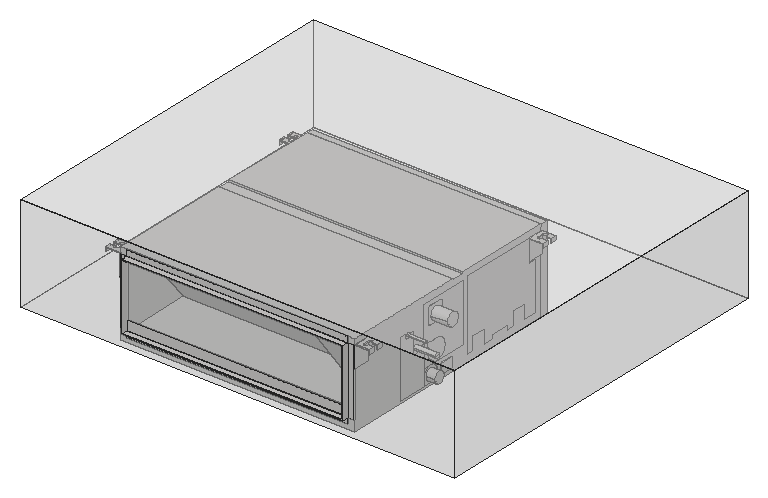
Revit family "outputfile", category 機械設備, Revit 2024
Family settings
  丸型コネクタ寸法 = 半径を使用
  パーツ タイプ = 標準
  OmniClass 番号 = 23.75.10.24.21.27.27
  OmniClass タイトル = Split System Air Conditioning Units
  作業面ベース = いいえ
  常に垂直 = はい
  ロード時にボイドで切り取り = いいえ
  注釈の向きを維持 = いいえ
  共有 = いいえ
  部屋計算ポイント = はい
Parameters (values of type "FDMFC50AV1M")
  Description = ""
  書き出し IFC クラス(タイプ) = "IfcUnitaryEquipmentType"
  定義済み IFC タイプ(タイプ) = "AIRCONDITIONINGUNIT"
  Cost = 0
  Type Comments = ""
  Keynote = ""
  Type Image = (empty or 0)
  Assembly Code = ""
  switch_frequency = yes
  connector_voltage = Voltage_50Hz  # 230 V
  connector_powerinput = [Power Input (Cooling)]  # 0.000 kW
  connector_phase = Phase_50Hz  # 1
  URL = ""
  Supply Air Direction [instance] = yes
  製造元 = "Daikin"
  モデル = "FDMFC50AV1M"
  w_pipe = 33 mm
  r_Liquid Pipe Size = Liquid Pipe Size / 2  # 3.2 mm
  r_Gas Pipe Size = Gas Pipe Size / 2  # 6.35 mm
  r_Drain Pipe Size = Drain Pipe Size / 2  # 16.0 mm
  lw_powersupply = Width / 2  # 350 mm
  lw_ductflange2 = 662 mm
  lw_Width = 662 mm
  lh_suctionflange [instance] = 100 mm
  ld_suctionflange [instance] = 190 mm
  ld_powersupply = 263 mm
  angle_vertical_RA [instance] = 90.00°
  angle horizontal_RA [instance] = 180.00°
  Voltage_comment_50Hz = "220 - 240"
  Voltage_50Hz = 230 V
  Sound Power Level_H speed (dB) = 0
  RA_length = 190 mm  # constant formula
  Phase_50Hz = 1
  Minimum External Static Pressure = 17.00 Pa
  Minimum Circuit Amps_50Hz = 0.0 A
  Maximum Fuse Amps_50Hz = 0.0 A
  Maximum External Static Pressure = 50.00 Pa
  Material_Casing = DAIKIN_GalvanizedSteel_Casing_indoorunit
  lw_liquidpipe = 407.9 mm
  lw_gaspipe = 417.5 mm
  lw_mountinghole_pitch = 746 mm
  lw_mountinghole = 20 mm
  lw_drainpipe = 376 mm
  lh_powersupply = 43.2 mm
  lh_liquidpipe = 175 mm
  lh_gaspipe = 128 mm
  lh_mountinghole = Height + [h***] - 15 mm  # 235 mm
  lh_drainpipe = 29 mm
  lh_antena = (Height - lh_mountinghole) + 1 mm  # 16 mm
  ld_liquidpipe = 153 mm
  ld_gaspipe = 123 mm
  ld_mountinghole_pitch = 651 mm
  ld_drainpipe = 64 mm
  ld_controlbox = 626 mm
  h*** = 0 mm  # constant formula
  d_dischargeflange = 20 mm  # constant formula
  Width = 700 mm
  Version = "ver.1.0"
  Unit Type = "Duct (M.S.P)"
  Unit Mass Weight = 24.00 kg
  Unit Designation [instance] = ""
  Uniclass2015Version = "Products v1.30"
  Uniclass2015Title = "Split coil room air conditioning units"
  Uniclass2015Code = "Pr_70_65_03_86"
  Total Cooling Capacity [instance] = 0.000 kW
  Sound Pressure Level_M speed (dBA) = 38
  Sound Pressure Level_L speed (dBA) = 34
  Sound Pressure Level_H speed (dBA) = 40
  Series = "SkyAir_Fan Coil Unit"
  Sensible Cooling Capacity [instance] = 0.000 kW
  SA Duct Size Width = 662 mm
  SA Duct Size Height = 200 mm
  Refrigerant Type = "R32"
  RA Duct Size Width = 662 mm
  RA Duct Size Height = 214 mm
  Power Input (Cooling) = 0.000 kW
  Option Accessory 3 [instance] = ""
  Option Accessory 2 [instance] = ""
  Option Accessory 1 [instance] = ""
  Nominal Cooling Capacity = 5.420 kW
  Minimum Airflow = 731.00 m³/h
  Median Airflow = 892.00 m³/h
  Maximum Airflow = 1000.00 m³/h
  Load Classification = HVAC
  Liquid Pipe Size = 6.4 mm
  Link_Nested Family [instance] = ""
  IfcVersion = ""
  IfcExportType = "AIRCONDITIONINGUNIT"
  IfcExportAs = "IfcUnitaryEquipmentType"
  Height = 250 mm
  Heat Exchanger Type = "Cross Fin Coil"
  Gas Pipe Size = 12.7 mm
  Frequency_50Hz = 50 Hz
  Fan Type = "Sirocco Fan"
  Fan Drive = "Direct Drive"
  FCU Tag No. [instance] = ""
  Drain Pipe Size = 32.0 mm
  Design Supply Airflow [instance] = 0.00 m³/h
  Design Return Airflow [instance] = 0.00 m³/h
  Design External Static Pressure [instance] = 0.00 Pa
  Depth = 700 mm
  既定の高さ = 0 mm
  Cooling Entering Wet Bulb Temperature [instance] = 0.00 °C
  Cooling Entering Dry Bulb Temperature [instance] = 0.00 °C
  Cooling Ambient Wet Bulb Temperature [instance] = 0.00 °C
  Cooling Ambient Dry Bulb Temperature [instance] = 0.00 °C
  Clearance visibility [instance] = yes
  Clearance Top = 20 mm
  Clearance Right = 300 mm
  Clearance Rear = 400 mm
  Clearance Left = 300 mm
  Clearance Front = 0 mm
  Clearance Bottom = 20 mm
Reference planes
  plane 1 "Center (Front/Back)": y = 0
  plane 2: z = 0
  plane 3 "Center (Left/Right)": x = 0
  plane 4 "Back": y = 350
  plane 5 "Front": y = -350
  plane 6 "Left": x = -350
  plane 7 "Right": x = 350
  plane 8 "Top": z = 0
  plane 9 "Bottom": z = -250
  plane 10: x = 331
  plane 11: x = -330.2
  plane 12: z = -72
  plane 13: z = -75
  plane 14: z = -122
  plane 15: x = -304
  plane 16: x = 304
  plane 17: x = -373
  plane 18: x = 373
  plane 19: x = 407.9
  plane 20: x = 417.5
  plane 21: z = -15
  plane 22 "Clearance Left": x = -650
  plane 23 "Clearance Right": x = 650
  plane 24 "Clearance Rear": y = 750
  plane 25 "Clearance Front": y = -350
  plane 26 "Clearance Bottom": z = -270
  plane 27: z = -21
  plane 28: z = -221
  plane 29: y = -123
  plane 30: y = -153
  plane 31: y = -30
  plane 32: y = -64
  plane 33: z = -118
  plane 34: y = -349.2
  plane 35: z = -150
  plane 36: y = 160
  plane 37: z = -151
  plane 38: x = 376
  plane 39: x = 345
  plane 40: x = 215.5
  plane 41: z = 102.5
  plane 42: y = 325.5
  plane 43: y = -325.5
  plane 44: y = 17.5
  plane 45: y = 57
  plane 46: x = 353.2
  plane 47: x = 355.2
  plane 48: y = -370
  plane 49: y = 390
  plane 50: z = -125
  plane 51: z = -70.5
  plane 52: z = -75.133
  plane 53: z = -75.5
  plane 54: z = -126.5
  plane 55: z = -239.8
  plane 56: z = -22.5
  plane 57: z = -192.5
  plane 58: z = -16
  plane 59 "Clearance Top": z = 20
  plane 60: z = -206.8
  plane 61: y = 263
  plane 62: y = -200
  plane 63: y = -300
  plane 64: y = -140
Forms (mm)
  Extrusion 1, solid, material "DAIKIN_GalvanizedSteel_Casing_indoorunit" <- "Material_Casing"
    sketch origin (0, 0, 0) x (1, 0, 0) y (0, 1, 0)
      loop
        line (-350, -349.2) -> (350, -349.2) -> (350, 350) -> (-350, 350) -> (-350, -349.2)
    from -250 to 0
  Extrusion 2, void
    sketch origin (0, 0, 1) x (1, 0, 0) y (0, 1, 0)
      loop
        line (-350, 57) -> (-350, 17.5) -> (350, 17.5) -> (350, 57) -> (-350, 57)
    from -1 to -5
  Extrusion 3, void
    sketch origin (0, 0, 0) x (0, 1, 0) y (0, 0, 1)
      loop
        line (-91.914, -222) -> (-91.914, -246.5) -> (-36.314, -246.5) -> (-36.314, -219.481)
        arc (-36.314, -219.481) -> (-65.261, -194.229) -> (-91.8, -222) r 27.8
    from 350 to 345
  Revolve 4, solid, material "DAIKIN_GalvanizedSteel_Casing_indoorunit" <- "Material_Casing"
    sketch origin (0, 0, -122) x (0, -1, 0) y (1, 0, 0)
      loop
        line (116.65, 350) -> (123, 350) -> (123, 417.5) -> (116.65, 417.5) -> (116.65, 350)
      axis (123, 350) -> (123, 417.5)
    angle from 0 to 360
  Revolve 5, solid, material "DAIKIN_GalvanizedSteel_Casing_indoorunit" <- "Material_Casing"
    sketch origin (0, 0, -75) x (0, -1, 0) y (1, 0, 0)
      loop
        line (153, 350) -> (153, 407.9) -> (149.8, 407.9) -> (149.8, 350) -> (153, 350)
      axis (153, 407.9) -> (153, 350)
    angle from 0 to 360
  Extrusion 6, solid, material "DAIKIN_GalvanizedSteel_Casing_indoorunit" <- "Material_Casing"
    sketch origin (0, 0, 0) x (0, 1, 0) y (0, 0, 1)
      loop
        circle (-64, -221) r 16
    from 376 to 350
  Extrusion 7, solid, material "DAIKIN_GalvanizedSteel_Casing_indoorunit" <- "Material_Casing"
    sketch origin (0, 0, 0) x (0, 1, 0) y (0, 0, 1)
      loop
        line (-180, -70.5) -> (-180, -239.8) -> (-95, -239.8) -> (-95, -126.5) -> (-107, -126.5)
        arc (-107, -126.5) -> (-121.5, -141) -> (-136, -126.5) r 14.5
        line (-136, -126.5) -> (-136, -75.5) -> (-141.006, -75.5)
        arc (-141.006, -75.5) -> (-153.184, -87.131) -> (-165, -75.133) r 12
        line (-165, -75.133) -> (-165, -70.5) -> (-180, -70.5)
      loop
        line (-92, -22.5) -> (-92, -192.5) -> (54, -192.5) -> (54, -22.5) -> (-92, -22.5)
      loop
        line (71, -16) -> (71, -224.802) -> (87.805, -224.802) -> (87.805, -184.607) -> (134.195, -184.606) -> (134.195, -224.802) -> (161, -224.802) -> (161, -212.302) -> (221, -212.303) -> (221, -224.802) -> (239.805, -224.802) -> (239.805, -184.606) -> (286.195, -184.606) -> (286.195, -224.802) -> (321.994, -224.802) -> (321.994, -82) -> (298.5, -82) -> (298.5, -16) -> (71, -16)
    from 350 to 353.2
  Extrusion 8, solid, material "DAIKIN_GalvanizedSteel_Casing_indoorunit" <- "Material_Casing"
    sketch origin (0, 0, 0) x (0, 1, 0) y (0, 0, 1)
      loop
        line (-27.5, -74.5) -> (-27.5, -41.5)
        arc (-27.5, -41.5) -> (-30.136, -35.136) -> (-36.5, -32.5) r 9
        line (-36.5, -32.5) -> (-69.5, -32.5)
        arc (-69.5, -32.5) -> (-75.864, -35.136) -> (-78.5, -41.5) r 9
        line (-78.5, -41.5) -> (-78.5, -74.5)
        arc (-78.5, -74.5) -> (-75.864, -80.864) -> (-69.5, -83.5) r 9
        line (-69.5, -83.5) -> (-36.5, -83.5)
        arc (-36.5, -83.5) -> (-30.136, -80.864) -> (-27.5, -74.5) r 9
      loop
        arc (8, -234.5) -> (9.415, -233.914) -> (10.001, -232.499) r 2.001
        line (10.001, -232.499) -> (9.997, -206.503)
        arc (9.997, -206.503) -> (9.412, -205.091) -> (8, -204.506) r 1.997
        line (8, -204.506) -> (-25.997, -204.506)
        arc (-25.997, -204.506) -> (-27.415, -205.094) -> (-28.002, -206.511) r 2.005
        line (-28.002, -206.511) -> (-28.002, -232.499)
        arc (-28.002, -232.499) -> (-27.416, -233.914) -> (-26.001, -234.5) r 2.001
        line (-26.001, -234.5) -> (8, -234.5)
      loop
        arc (-77.358, -152.358) -> (-25.548, -177.591) -> (-59.394, -130.95) r 29.7
        arc (-59.394, -130.95) -> (-62.843, -131.688) -> (-66.339, -131.219) r 10.3
        line (-66.339, -131.219) -> (-72.946, -129.136)
        arc (-72.946, -129.136) -> (-80.627, -131.374) -> (-81.498, -139.327) r 7.2
        line (-81.498, -139.327) -> (-78.299, -145.472)
        arc (-78.299, -145.472) -> (-77.23, -148.833) -> (-77.358, -152.358) r 10.3
    from 350 to 355.2
  Extrusion 9, solid, material "DAIKIN_GalvanizedSteel_Casing_indoorunit" <- "Material_Casing"
    sketch origin (0, 0, 0) x (0, 1, 0) y (0, 0, 1)
      loop
        circle (-53, -58) r 18.9
    from 350 to 407.9
  Extrusion 10, void
    sketch origin (0, 0, 0) x (0, 1, 0) y (0, 0, 1)
      loop
        line (-350, -18.8) -> (-350, -217.2) -> (-200, -217.2) -> (-349.2, -18.8) -> (-350, -18.8)
    from -330.2 to 331
  Extrusion 11, void
    sketch origin (0, 0, 0) x (0, 1, 0) y (0, 0, 1)
      loop
        line (-350, -18.8) -> (-350, -217.2) -> (-140, -217.2) -> (-300, -18.8) -> (-350, -18.8)
    from -330.2 to 215.5
Cuts and joins
  Extrusion 2, Extrusion 3, Extrusion 10, Extrusion 11 cuts Extrusion 1
  joined: Extrusion 7, Extrusion 8, Extrusion 9
Dimensions and locks
  "Height": plane 8 "Top" to plane 9 "Bottom"
  equal spacing: plane 15, plane 3 "Center (Left/Right)", plane 16, locked at 304 each
  locked: plane 15 to plane 16 at 608
  equal spacing: plane 17, plane 3 "Center (Left/Right)", plane 18
  "lw_mountinghole_pitch": plane 17 to plane 18
  locked: plane 12 to plane 9 "Bottom" at 178
  "lh_liquidpipe": plane 13 to plane 9 "Bottom"
  "lh_gaspipe": plane 14 to plane 9 "Bottom"
  "lh_mountinghole": plane 21 to plane 9 "Bottom"
  equal spacing: plane 6 "Left", plane 3 "Center (Left/Right)", plane 7 "Right"
  "Width": plane 6 "Left" to plane 7 "Right"
  "Clearance Right": plane 7 "Right" to plane 23 "Clearance Right"
  "Clearance Left": plane 22 "Clearance Left" to plane 6 "Left"
  "Clearance Rear": plane 24 "Clearance Rear" to plane 4 "Back"
  "Clearance Front": plane 5 "Front" to plane 25 "Clearance Front"
  locked: plane 8 "Top" to plane 27 at 21
  "Depth": plane 4 "Back" to plane 5 "Front"
  equal spacing: plane 4 "Back", plane 1 "Center (Front/Back)", plane 5 "Front"
  "ld_suctionflange": plane 4 "Back" to plane 36
  locked: plane 37 to plane 9 "Bottom" at 99
  plane 7 "Right" to plane 40 = 134.5 mm
  "r_Gas Pipe Size": nested 6 to Revolve 4 sketch curve
  "r_Liquid Pipe Size": nested 5 to Revolve 5 sketch curve
  equal spacing: plane 42, plane 1 "Center (Front/Back)", plane 43
  "ld_mountinghole_pitch": plane 42 to plane 43
  locked: plane 33 to plane 9 "Bottom" at 132
  "lw_liquidpipe": plane 3 "Center (Left/Right)" to plane 19
  "lw_gaspipe": plane 3 "Center (Left/Right)" to plane 20
  "lw_drainpipe": plane 3 "Center (Left/Right)" to plane 38
  "ld_drainpipe": plane 32 to plane 1 "Center (Front/Back)"
  "ld_gaspipe": plane 29 to plane 1 "Center (Front/Back)"
  "ld_liquidpipe": plane 30 to plane 1 "Center (Front/Back)"
  "lh_drainpipe": plane 28 to plane 9 "Bottom"
  locked: plane 7 "Right" to plane 46 at 3.2
  locked: plane 46 to plane 47 at 2
  equal spacing: plane 8 "Top", plane 50, plane 9 "Bottom"
  plane 51 to plane 52 to plane 53 to plane 54 to plane 55 = 4.633 mm locked, 0.367 mm locked, 51 mm locked, 113.3 mm locked
  plane 8 "Top" to plane 56 to plane 57 = 22.5 mm locked, 170 mm locked
  locked: plane 8 "Top" to plane 58 at 16
  locked: plane 40 to plane 10 at 115.5
  locked: plane 17 to plane 11 at 42.8
  locked: plane 39 to plane 7 "Right" at 5
  "Clearance Top": plane 59 "Clearance Top" to plane 8 "Top"
  "Clearance Bottom": plane 9 "Bottom" to plane 26 "Clearance Bottom"
  "lh_powersupply": plane 60 to plane 9 "Bottom"
  "ld_powersupply": plane 61 to plane 1 "Center (Front/Back)"
  locked: plane 34 to plane 5 "Front" at 0.8
  locked: plane 5 "Front" to plane 48 at 20
  locked: plane 5 "Front" to plane 62 at 150
  plane 5 "Front" to plane 63 to plane 64 = 50 mm locked, 160 mm locked
  "r_Drain Pipe Size": radius of Extrusion 6 sketch curve
  aligned and locked: level to plane 2
  aligned and locked: Extrusion 1 to plane 9 "Bottom"
  aligned and locked: plane 8 "Top" to Extrusion 1
  aligned and locked: Revolve 4 sketch curve to Revolve 4 sketch curve
  aligned and locked: plane 19 to nested 5
  aligned and locked: nested 5 to plane 13
  aligned and locked: plane 18 to nested 2
  aligned and locked: plane 17 to nested 3
  aligned and locked: plane 17 to nested 4
  aligned and locked: nested 6 to plane 14
  aligned and locked: plane 29 to nested 6
  aligned and locked: plane 30 to nested 5
  aligned and locked: Extrusion 6 sketch curve to plane 32
  aligned and locked: plane 8 "Top" to Extrusion 2
  aligned and locked: plane 24 "Clearance Rear" to nested 11
  aligned and locked: plane 23 "Clearance Right" to nested 11
  aligned and locked: plane 22 "Clearance Left" to nested 11
  aligned and locked: nested 11 to plane 25 "Clearance Front"
  aligned and locked: plane 7 "Right" to cut or joined group of Extrusion 1, Extrusion 2, Extrusion 3, Extrusion 10, Extrusion 11  (x3)
  aligned and locked: cut or joined group of Extrusion 1, Extrusion 2, Extrusion 3, Extrusion 10, Extrusion 11 to plane 39
  aligned and locked: plane 38 to Extrusion 6
  aligned and locked: plane 20 to nested 6
  aligned and locked: plane 3 "Center (Left/Right)" to nested 12
  aligned and locked: plane 18 to nested 1
  aligned and locked: plane 32 to nested 7
  aligned and locked: nested 7 to plane 28
  aligned and locked: plane 38 to nested 7
  aligned and locked: nested 9 to plane 1 "Center (Front/Back)"
  aligned and locked: plane 3 "Center (Left/Right)" to nested 9
  aligned and locked: plane 33 to nested 8
  aligned and locked: level to plane 8 "Top"
  aligned and locked: nested 1 to plane 42
  aligned and locked: nested 2 to plane 43
  aligned and locked: nested 4 to plane 42
  aligned and locked: nested 3 to plane 43
  aligned and locked: plane 21 to nested 12
  aligned and locked: cut or joined group of Extrusion 1, Extrusion 2, Extrusion 3, Extrusion 10, Extrusion 11 to plane 34
  aligned and locked: nested 13 to plane 33
  aligned and locked: Extrusion 2 sketch curve to plane 6 "Left"
  aligned and locked: plane 7 "Right" to Extrusion 2 sketch curve
  aligned and locked: plane 44 to Extrusion 2 sketch curve
  aligned and locked: plane 45 to Extrusion 2 sketch curve
  aligned and locked: plane 3 "Center (Left/Right)" to nested 10
  aligned and locked: nested 10 to plane 4 "Back"
  aligned and locked: plane 46 to Extrusion 7
  aligned and locked: Extrusion 7 to plane 7 "Right"
  aligned and locked: Extrusion 8 to plane 7 "Right"
  aligned and locked: plane 47 to Extrusion 8
  aligned and locked: plane 19 to Extrusion 9
  aligned and locked: Extrusion 9 to plane 7 "Right"
  aligned and locked: nested 8 to plane 48
  aligned and locked: plane 49 to nested 14
  aligned and locked: nested 14 to plane 3 "Center (Left/Right)"
  aligned and locked: nested 14 to plane 50
  aligned and locked: plane 54 to Extrusion 7 sketch curve  (x2)
  aligned and locked: plane 52 to Extrusion 7 sketch curve
  aligned and locked: plane 56 to Extrusion 7 sketch curve
  aligned and locked: plane 57 to Extrusion 7 sketch curve
  aligned and locked: plane 58 to Extrusion 7 sketch curve
  aligned and locked: plane 3 "Center (Left/Right)" to nested 13
  aligned and locked: plane 59 "Clearance Top" to nested 11
  aligned and locked: nested 11 to plane 26 "Clearance Bottom"
  aligned and locked: plane 7 "Right" to nested 15
  aligned and locked: nested 15 to plane 60
  aligned and locked: plane 34 to nested 13
  aligned and locked: plane 5 "Front" to Extrusion 10 sketch curve
  aligned and locked: cut or joined group of Extrusion 1, Extrusion 2, Extrusion 3, Extrusion 10, Extrusion 11 to plane 11  (x2)
  aligned and locked: plane 10 to cut or joined group of Extrusion 1, Extrusion 2, Extrusion 3, Extrusion 10, Extrusion 11
  aligned and locked: Extrusion 11 sketch curve to plane 5 "Front"
  aligned and locked: plane 63 to Extrusion 11 sketch curve
  aligned and locked: plane 64 to Extrusion 11 sketch curve
  aligned and locked: cut or joined group of Extrusion 1, Extrusion 2, Extrusion 3, Extrusion 10, Extrusion 11 to plane 40
  aligned and locked: Extrusion 6 to plane 7 "Right"
  aligned and locked: Revolve 4 to plane 7 "Right"
  aligned and locked: Revolve 5 to plane 7 "Right"
Automatic sketch dimensions
  Extrusion 1 sketch curve to plane 4 "Back" = 0 mm
  Extrusion 1 sketch curve to plane 6 "Left" = 0 mm
  Extrusion 1 sketch curve to plane 7 "Right" = 0 mm
  plane 34 to Extrusion 1 sketch curve = 0 mm
  Extrusion 6 sketch curve to plane 28 = 0 mm
  Revolve 4 sketch curve to plane 20 = 0 mm
  Revolve 4 sketch curve to plane 29 = 0 mm
  Revolve 4 sketch curve to Revolve 4 sketch curve = 2.003 mm
  plane 20 to Revolve 4 sketch curve = 1.003 mm
  Revolve 5 sketch curve to plane 30 = 0 mm  (x2)
  Revolve 5 sketch curve to plane 19 = 0 mm  (x2)
  Revolve 5 sketch curve to plane 7 "Right" = 0 mm
  Revolve 5 sketch curve to Revolve 5 sketch curve = 1 mm
  Revolve 4 sketch curve to plane 7 "Right" = 0 mm
  plane 9 "Bottom" to Extrusion 3 sketch curve = 3.5 mm
  Extrusion 3 sketch curve to plane 31 = 6.314 mm
  Extrusion 3 sketch curve to plane 28 = 1 mm  (x2)
  plane 32 to Extrusion 3 sketch curve = 0 mm
  Extrusion 3 sketch curve to Extrusion 3 sketch curve = 0.114 mm
  Extrusion 8 sketch curve to plane 32 = 14.5 mm
  plane 13 to Extrusion 8 sketch curve = 0.5 mm  (x2)
  Extrusion 8 sketch curve to plane 32 = 5.5 mm  (x2)
  Extrusion 8 sketch curve to plane 31 = 6.5 mm  (x2)
  Extrusion 8 sketch curve to plane 27 = 20.5 mm
  plane 31 to Extrusion 8 sketch curve = 1.998 mm
  Extrusion 8 sketch curve to Extrusion 8 sketch curve = 2.001 mm  (x2)
  Extrusion 8 sketch curve to Extrusion 8 sketch curve = 2.005 mm
  Extrusion 8 sketch curve to plane 1 "Center (Front/Back)" = 8 mm  (x2)
  plane 28 to Extrusion 8 sketch curve = 16.494 mm
  Extrusion 8 sketch curve to Extrusion 8 sketch curve = 1.994 mm
  Extrusion 8 sketch curve to Extrusion 8 sketch curve = 1.997 mm
  Extrusion 8 sketch curve to plane 32 = 17.498 mm
  Extrusion 8 sketch curve to plane 35 = 0.228 mm
  Extrusion 8 sketch curve to Extrusion 8 sketch curve = 5.937 mm
  plane 35 to Extrusion 8 sketch curve = 4.528 mm
  Extrusion 8 sketch curve to Extrusion 8 sketch curve = 3.199 mm
  Extrusion 8 sketch curve to Extrusion 8 sketch curve = 6.386 mm
  Extrusion 8 sketch curve to plane 14 = 7.136 mm
  Extrusion 8 sketch curve to Extrusion 8 sketch curve = 2.165 mm
  Extrusion 8 sketch curve to plane 32 = 2.339 mm
  plane 32 to Extrusion 8 sketch curve = 0.758 mm
  Extrusion 8 sketch curve to plane 37 = 7.5 mm
  plane 32 to Extrusion 8 sketch curve = 15.7 mm
  Extrusion 8 sketch curve to Extrusion 8 sketch curve = 6.145 mm
  Extrusion 8 sketch curve to Extrusion 8 sketch curve = 2.083 mm
  plane 14 to Extrusion 8 sketch curve = 0.604 mm
  Extrusion 8 sketch curve to Extrusion 8 sketch curve = 0 mm
  plane 32 to Extrusion 9 sketch curve = 11 mm
  plane 12 to Extrusion 9 sketch curve = 14 mm
  Extrusion 7 sketch curve to plane 30 = 0 mm
  Extrusion 7 sketch curve to plane 30 = 27 mm
  Extrusion 7 sketch curve to plane 13 = 0.5 mm
  Extrusion 7 sketch curve to Extrusion 7 sketch curve = 5.006 mm
  plane 12 to Extrusion 7 sketch curve = 1.5 mm
  Extrusion 7 sketch curve to Extrusion 7 sketch curve = 12 mm
  Extrusion 7 sketch curve to plane 30 = 12 mm
  plane 29 to Extrusion 7 sketch curve = 1.5 mm
  Extrusion 7 sketch curve to plane 32 = 28 mm
  Extrusion 7 sketch curve to Extrusion 7 sketch curve = 17 mm
  Extrusion 7 sketch curve to plane 28 = 3.802 mm  (x8)
  Extrusion 7 sketch curve to plane 42 = 27 mm
  Extrusion 7 sketch curve to plane 42 = 3.506 mm  (x2)
  Extrusion 7 sketch curve to plane 53 = 6.5 mm
  plane 57 to Extrusion 7 sketch curve = 7.893 mm
  Extrusion 7 sketch curve to Extrusion 7 sketch curve = 0 mm  (x2)
  plane 57 to Extrusion 7 sketch curve = 7.894 mm  (x2)
  plane 36 to Extrusion 7 sketch curve = 1 mm  (x2)
  plane 28 to Extrusion 7 sketch curve = 8.697 mm
  Extrusion 3 sketch curve to Extrusion 3 sketch curve = 27.914 mm
  Extrusion 7 sketch curve to plane 55 = 0 mm
  Extrusion 8 sketch curve to plane 28 = 11.499 mm
  Extrusion 7 sketch curve to Extrusion 7 sketch curve = 60 mm
  Extrusion 10 sketch curve to plane 34 = 0 mm
  plane 28 to Extrusion 10 sketch curve = 3.8 mm
  plane 27 to Extrusion 10 sketch curve = 2.2 mm
  Extrusion 10 sketch curve to plane 30 = 47 mm
  plane 28 to Extrusion 11 sketch curve = 3.8 mm
  plane 27 to Extrusion 11 sketch curve = 2.2 mm
  radius of Extrusion 9 sketch curve = 18.9 mm
Nested families
  nested 1: "daikin_mountinghole" at (373, 325.5, -250), l_antenna <- "lh_antena", Link_Nested Family <- "Link_Nested Family", h_mountinghole <- "lh_mountinghole", type "daikin_mountinghole"
    with show yes, l_antenna 16 mm, h_mountinghole 235 mm, Link_Nested Family ""
  nested 2: "daikin_mountinghole" at (373, -325.5, -250), Link_Nested Family <- "Link_Nested Family", l_antenna <- "lh_antena", h_mountinghole <- "lh_mountinghole", type "daikin_mountinghole"
    with show yes, l_antenna 16 mm, h_mountinghole 235 mm, Link_Nested Family ""
  nested 3: "daikin_mountinghole" at (-373, -325.5, -250), l_antenna <- "lh_antena", Link_Nested Family <- "Link_Nested Family", h_mountinghole <- "lh_mountinghole", type "daikin_mountinghole"
    with show yes, l_antenna 16 mm, h_mountinghole 235 mm, Link_Nested Family ""
  nested 4: "daikin_mountinghole" at (-373, 325.5, -250), l_antenna <- "lh_antena", Link_Nested Family <- "Link_Nested Family", h_mountinghole <- "lh_mountinghole", type "daikin_mountinghole"
    with show yes, l_antenna 16 mm, h_mountinghole 235 mm, Link_Nested Family ""
  nested 5: "daikin_connector_rotate2" at (0, -153, -75) x (0, 1, 0) z (0, 0, 1), length <- "lw_liquidpipe", built-in parameter 1001364 <- "lh_liquidpipe", radius <- "r_Liquid Pipe Size", type "daikin_connector_rotate2"
    with radius 3.2 mm, length 407.9 mm, angle_vertical 90.00°
  nested 6: "daikin_connector_rotate2" at (0, -123, -122) x (0, 1, 0) z (0, 0, 1), length <- "lw_gaspipe", built-in parameter 1001364 <- "lh_gaspipe", radius <- "r_Gas Pipe Size", type "daikin_connector_rotate2"
    with radius 6.35 mm, length 417.5 mm, angle_vertical 90.00°
  nested 7: "daikin_connector_rotate2" at (0, -64, -221) x (0, 1, 0) z (0, 0, 1), built-in parameter 1001364 <- "lh_drainpipe", length <- "lw_drainpipe", radius <- "r_Drain Pipe Size", type "daikin_connector_rotate2"
    with radius 16 mm, length 376 mm, angle_vertical 90.00°
  nested 8: "daikin_connector_rotate2" at (0, -350, -118), length <- "d_dischargeflange", type "daikin_connector_rotate2"
    with radius 10 mm, length 20 mm, angle_vertical 90.00°
  nested 9: "daikin_△_symbolicline" at (-75, -129.904, 250) x (-0.5, 0.866, 0) z (0, 0, 1), built-in parameter 1001364 <- "Height", visible <- "Supply Air Direction", type "daikin_△_symbolicline"
    with length 300 mm
  nested 10: "daikin_ductflange_FDMFC-AV1M_1" at (0, 350, -125), material <- "Material_Casing", width <- "lw_ductflange2", type "daikin_ductflange_FDMFC-AV1M_1"
    with width 662 mm, material DAIKIN_GalvanizedSteel_Casing_indoorunit, height 214 mm, depth 40 mm
  nested 11: "daikin_clearancespace" at (0, 200, -124.881), visible <- "Clearance visibility", show <- "Clearance visibility", Link_Nested Family <- "Link_Nested Family", type "daikin_clearancespace"
    with width 1300 mm, show yes, height 290 mm, depth 1100 mm, Link_Nested Family ""
  nested 12: "daikin_hangerfixture_FDMFC-AV1M" at (0, 0, -15), type "daikin_hangerfixture_FDMFC-AV1M"
  nested 13: "daikin_ductflange_FDMFC-AV1M" at (0, -35.7, -407.401), width <- "lw_Width", material <- "Material_Casing", type "daikin_ductflange_FDMFC-AV1M"
    with width 662 mm, material DAIKIN_GalvanizedSteel_Casing_indoorunit, height 200 mm, depth 20.8 mm
  nested 14: "daikin_connector_rotate2" at (0, 350, -125) x (-1, 0, 0) z (0, 0, 1), type "daikin_connector_rotate2"
    with radius 10 mm, length 40 mm, angle_vertical 90.00°
  nested 15: "daikin_connector_rotate2" at (0, 263, -206.8) x (0, 1, 0) z (0, 0, 1), length <- "lw_powersupply", built-in parameter 1001364 <- "lh_powersupply", type "daikin_connector_rotate2"
    with radius 10 mm, length 350 mm, angle_vertical 90.00°
Connectors
  piping at (417.5, -123, -122), diameter 12.7, driven by "r_Gas Pipe Size"
    settings: on nested 6, index 1, connector inside diameter 609.6 mm, connector length 0 mm, flow factor 0, pipe flow 0.00 m³/h, pressure drop 0.0 Pa, fitting loss kfactor 0, connector angle 0.00°, fixture units 0, engagement length 0 mm, angle of deflection 0.00°, flow configuration 1, flow direction 2, fitting loss method 0, system type 29, joint type 0, gender type 0, connector reference index -1, connector utility 0, adjustable connector no, is connector primary yes, connector description "Refrigerant Gas Piping"
  piping at (407.9, -153, -75), diameter 6.4, driven by "r_Liquid Pipe Size"
    settings: on nested 5, index 2, connector inside diameter 609.6 mm, connector length 0 mm, flow factor 0, pipe flow 0.00 m³/h, pressure drop 0.0 Pa, fitting loss kfactor 0, connector angle 0.00°, fixture units 0, engagement length 0 mm, angle of deflection 0.00°, flow configuration 1, flow direction 1, fitting loss method 0, system type 29, joint type 0, gender type 0, connector reference index -1, connector utility 0, adjustable connector no, is connector primary no, connector description "Refrigerant Liquid Piping"
  piping at (376, -64, -221), diameter 32, driven by "r_Drain Pipe Size"
    settings: on nested 7, index 3, connector inside diameter 609.6 mm, connector length 0 mm, flow factor 0, pipe flow 0.00 m³/h, pressure drop 0.0 Pa, fitting loss kfactor 0, connector angle 0.00°, fixture units 0, engagement length 0 mm, angle of deflection 0.00°, flow configuration 1, flow direction 2, fitting loss method 4, system type 16, joint type 0, gender type 0, connector reference index -1, connector utility 0, adjustable connector no, is connector primary no, connector description "Condensate Drain Piping"
  hvac at (0, -370, -118), driven by "SA Duct Size Height", driven by "SA Duct Size Width"
    settings: on nested 8, index 7, duct flow 0.00 m³/h, flow factor 0, pres drop 0.00 Pa, loss coef 0, conn angle 0.00°, conn width 662.0 mm, conn height 200.0 mm, conn diameter 609.6 mm, duct sys type 1, conn prof type 1, flow config 0, flow direction 2, loss method 4, conn ref index -1, conn util no, is conn primary yes, conn desc "SA Duct"
  hvac at (0, 390, -125), driven by "RA Duct Size Width", driven by "RA Duct Size Height"
    settings: on nested 14, index 8, duct flow 0.00 m³/h, flow factor 0, pres drop 0.00 Pa, loss coef 0, conn angle 0.00°, conn width 662.0 mm, conn height 214.0 mm, conn diameter 609.6 mm, duct sys type 2, conn prof type 1, flow config 0, flow direction 1, loss method 4, conn ref index -1, conn util no, is conn primary no, conn desc "RA Duct"
  electrical at (350, 263, -206.8), driven by "Load Classification", driven by "connector_powerinput", driven by "connector_voltage", driven by "connector_phase"
    settings: on nested 15, index 9, voltage 230 V, apparent load 0 VA, apparent load phase1 0 VA, apparent load phase2 0 VA, apparent load phase3 0 VA, power factor 1, load classification "HVAC", number of poles 1, system type 30, power factor state 1, is connector primary yes, connector utility no, sub classification motor no, connector description "Power Supply"
Definition of nested family "daikin_ductflange_FDMFC-AV1M_1"
  Parameters (values of type "daikin_ductflange_FXDQ-NDVET2")
    width [instance] = 662 mm
    material [instance] = none
    height [instance] = 214 mm
    depth [instance] = 40 mm
    Default Elevation = 0 mm
  Reference planes
    plane 1 "Center (Front/Back)": y = 0
    plane 2: z = 0
    plane 3 "Center (Left/Right)": x = 0
    plane 4: x = -331
    plane 5: x = 331
    plane 6: z = 107
    plane 7: z = -107
    plane 8: x = -350
    plane 9: x = 350
    plane 10: z = 124
    plane 11: z = -124
    plane 12: y = 20
    plane 13: x = -330.2
    plane 14: x = 330.2
    plane 15: z = 106.2
    plane 16: z = -106.2
    plane 17: y = 40
    plane 18: x = -330.2
    plane 19: z = 106.2
    plane 20: z = -106.2
    plane 21: x = 330.2
  Forms (mm)
    Extrusion 1, solid, material <- "material"
      sketch origin (0, 0, 0) x (1, 0, 0) y (0, 0, 1)
        loop
          line (-330.2, 106.2) -> (-330.2, -106.2) -> (330.2, -106.2) -> (330.2, 106.2) -> (-330.2, 106.2)
        loop
          line (-350, 124) -> (-350, -124) -> (350, -124) -> (350, 124) -> (-350, 124)
      from 0 to -20
    Extrusion 2, solid, material <- "material"
      sketch origin (0, 0, 0) x (1, 0, 0) y (0, 0, 1)
        loop
          line (-331, 107) -> (-331, -107) -> (331, -107) -> (331, 107) -> (-331, 107)
        loop
          line (-330.2, 106.2) -> (-330.2, -106.2) -> (330.2, -106.2) -> (330.2, 106.2) -> (-330.2, 106.2)
      from -40 to -20
  Cuts and joins
    joined: Extrusion 1, Extrusion 2
  Dimensions and locks
    equal spacing: plane 5, plane 3 "Center (Left/Right)", plane 4
    "width": plane 5 to plane 4
    equal spacing: plane 6, level, plane 7
    "height": plane 6 to plane 7
    locked: plane 4 to plane 8 at 19
    locked: plane 9 to plane 5 at 19
    locked: plane 10 to plane 6 at 17
    locked: plane 7 to plane 11 at 17
    locked: plane 1 "Center (Front/Back)" to plane 12 at 20
    locked: plane 13 to plane 4 at 0.8
    locked: plane 5 to plane 14 at 0.8
    locked: plane 6 to plane 15 at 0.8
    locked: plane 16 to plane 7 at 0.8
    locked: plane 12 to plane 17 at 20
    locked: plane 18 to plane 4 at 0.8
    locked: plane 5 to plane 21 at 0.8
    locked: plane 6 to plane 19 at 0.8
    locked: plane 20 to plane 7 at 0.8
    locked: plane 1 "Center (Front/Back)" to plane 17 at 40
    aligned and locked: level to plane 2
    aligned and locked: Extrusion 1 sketch curve to plane 10
    aligned and locked: plane 8 to Extrusion 1 sketch curve
    aligned and locked: Extrusion 1 sketch curve to plane 9
    aligned and locked: Extrusion 1 to plane 12
    aligned and locked: plane 1 "Center (Front/Back)" to Extrusion 1
    aligned and locked: Extrusion 1 sketch curve to plane 15
    aligned and locked: plane 13 to Extrusion 1 sketch curve
    aligned and locked: plane 16 to Extrusion 1 sketch curve
    aligned and locked: plane 11 to Extrusion 1 sketch curve
    aligned and locked: Extrusion 1 sketch curve to plane 14
    aligned and locked: Extrusion 2 sketch curve to plane 6
    aligned and locked: plane 4 to Extrusion 2 sketch curve
    aligned and locked: plane 7 to Extrusion 2 sketch curve
    aligned and locked: Extrusion 2 sketch curve to plane 5
    aligned and locked: Extrusion 2 sketch curve to Extrusion 1  (x4)
    aligned and locked: Extrusion 2 to plane 17
    aligned and locked: Extrusion 2 to Extrusion 1
  Automatic sketch dimensions
    Extrusion 1 sketch curve to plane 10 = 0 mm
Definition of nested family "daikin_clearancespace"
  Parameters (values of type "daikin_clearancespace")
    Description = "daikin_clearancespace"
    width [instance] = 1823.963 mm
    show [instance] = yes
    material = none
    height [instance] = 1359.762 mm
    depth [instance] = 880 mm
    Default Elevation = 0 mm
    Link_Nested Family [instance] = ""
  Reference planes
    plane 1 "Center (Front/Back)": y = 0
    plane 2 "Center (Elevation)": z = -0.119
    plane 3 "Center (Left/Right)": x = 0
    plane 4: y = 440
    plane 5: y = -440
    plane 6 "Right": x = 911.982
    plane 7 "Left": x = -911.982
    plane 8 "Top": z = 679.762
    plane 9 "Bottom": z = -680
  Forms (mm)
    Extrusion 1, solid, material <- "material", visible <- "show"
      sketch origin (0, 0, 0) x (1, 0, 0) y (0, 1, 0)
        loop
          line (-911.982, 440) -> (-911.982, -440) -> (911.982, -440) -> (911.982, 440) -> (-911.982, 440)
      from -680 to 679.762
  Lines and regions (mm)
    symbolic lines, visible <- "show"
      curve 1: line (911.982, 440, 0) -> (-911.982, 440, 0)
      curve 2: line (-911.982, 440, 0) -> (-911.982, -440, 0)
      curve 3: line (-911.982, -440, 0) -> (911.982, -440, 0)
      curve 4: line (911.982, -440, 0) -> (911.982, 440, 0)
      curve 5: line (911.982, 0, 679.762) -> (-911.982, 0, 679.762)
      curve 6: line (911.982, 0, -680) -> (911.982, 0, 679.762)
      curve 7: line (-911.982, 0, -680) -> (911.982, 0, -680)
      curve 8: line (-911.982, 0, 679.762) -> (-911.982, 0, -680)
      curve 9: line (0, 440, 679.762) -> (0, -440, 679.762)
      curve 10: line (0, -440, 679.762) -> (0, -440, -680)
      curve 11: line (0, 440, -680) -> (0, 440, 679.762)
      curve 12: line (0, -440, -680) -> (0, 440, -680)
  Dimensions and locks
    "width": plane 7 "Left" to plane 6 "Right"
    "depth": plane 4 to plane 5
    "height": plane 8 "Top" to plane 9 "Bottom"
    equal spacing: plane 7 "Left", plane 3 "Center (Left/Right)", plane 6 "Right"
    equal spacing: plane 4, plane 1 "Center (Front/Back)", plane 5
    equal spacing: plane 8 "Top", plane 2 "Center (Elevation)", plane 9 "Bottom"
    aligned and locked: level to plane 2 "Center (Elevation)"
    aligned and locked: Extrusion 1 sketch curve to plane 4
    aligned and locked: plane 7 "Left" to Extrusion 1 sketch curve
    aligned and locked: Extrusion 1 sketch curve to plane 5
    aligned and locked: Extrusion 1 sketch curve to plane 6 "Right"
    aligned and locked: plane 8 "Top" to Extrusion 1
    aligned and locked: curve 1 to Extrusion 1
    aligned and locked: curve 2 to Extrusion 1
    aligned and locked: curve 3 to Extrusion 1
    aligned and locked: curve 4 to Extrusion 1
    aligned and locked: curve 5 to Extrusion 1
    aligned and locked: curve 6 to Extrusion 1
    aligned and locked: curve 7 to Extrusion 1
    aligned and locked: curve 8 to Extrusion 1
    aligned and locked: curve 9 to Extrusion 1
    aligned and locked: curve 10 to Extrusion 1
    aligned and locked: curve 11 to Extrusion 1
    aligned and locked: curve 12 to Extrusion 1
    aligned and locked: Extrusion 1 to plane 9 "Bottom"
Definition of nested family "daikin_hangerfixture_FDMFC-AV1M"
  Parameters (values of type "daikin_hangerfixture_FDMFC-AV1M")
    width = 700 mm
    material = none
    height = 65 mm
    depth = 700 mm
    Default Elevation = 0 mm
  Reference planes
    plane 1 "Center (Front/Back)": y = 0
    plane 2: z = 0
    plane 3 "Center (Left/Right)": x = 0
    plane 4: x = 350
    plane 5: y = 350
    plane 6: y = -350
    plane 7: x = -350
    plane 8: z = -65
    plane 9: y = 325.5
    plane 10: y = -325.5
    plane 11: y = 302
    plane 12: y = -302
    plane 13: x = 373
    plane 14: x = -373
  Forms (mm)
    Extrusion 1, void
      sketch origin (0, 0, 0) x (-1, 0, 0) y (0, -1, 0)
        loop
          arc (366.995, -334.5) -> (373, -340.5) -> (378.995, -334.489) r 6
          line (378.995, -334.489) -> (378.995, -333)
          arc (378.995, -333) -> (379.288, -332.293) -> (379.995, -332) r 1
          line (379.995, -332) -> (394.995, -332) -> (394.995, -319) -> (379.995, -319)
          arc (379.995, -319) -> (379.288, -318.707) -> (378.995, -318) r 1
          line (378.995, -318) -> (378.995, -316.464)
          arc (378.995, -316.464) -> (372.977, -310.5) -> (366.995, -316.5) r 6
          line (366.995, -316.5) -> (366.995, -334.5)
        loop
          line (367.28, 334.5) -> (367.28, 316.5)
          arc (367.28, 316.5) -> (373, 310.507) -> (379.254, 315.94) r 6
          line (379.254, 315.94) -> (379.254, 318)
          arc (379.254, 318) -> (379.547, 318.707) -> (380.254, 319) r 1
          line (380.254, 319) -> (395.254, 319) -> (395.254, 332) -> (380.254, 332)
          arc (380.254, 332) -> (379.547, 332.293) -> (379.254, 333) r 1
          line (379.254, 333) -> (379.254, 334.5)
          arc (379.254, 334.5) -> (373.267, 340.487) -> (367.28, 334.5) r 5.987
      from -254.96 to 618
    Extrusion 2, solid, material <- "material"
      sketch origin (0, 0, 0) x (-1, 0, 0) y (0, 0, 1)
        loop
          line (350, 0) -> (350, -65) -> (352.3, -65) -> (352.3, -2.3) -> (392.7, -2.3) -> (392.7, -12) -> (395, -12) -> (395, 0) -> (350, 0)
      from -349.5 to -301.5
    Extrusion 3, solid, material <- "material"
      sketch origin (0, 0, 0) x (1, 0, 0) y (0, 0, 1)
        loop
          line (350, 0) -> (350, -65) -> (352.3, -65) -> (352.3, -2.3) -> (392.7, -2.3) -> (392.7, -12) -> (395, -12) -> (395, 0) -> (350, 0)
      from -349.5 to -301.5
    Extrusion 4, void
      sketch origin (0, 0, 0) x (1, 0, 0) y (0, 1, 0)
        loop
          line (366.995, 334.5) -> (366.995, 316.5)
          arc (366.995, 316.5) -> (372.977, 310.5) -> (378.995, 316.464) r 6
          line (378.995, 316.464) -> (378.995, 318)
          arc (378.995, 318) -> (379.288, 318.707) -> (379.995, 319) r 1
          line (379.995, 319) -> (394.995, 319) -> (394.995, 332) -> (379.995, 332)
          arc (379.995, 332) -> (379.288, 332.293) -> (378.995, 333) r 1
          line (378.995, 333) -> (378.995, 334.489)
          arc (378.995, 334.489) -> (373, 340.5) -> (366.995, 334.5) r 6
        loop
          arc (367.026, -334.5) -> (373.026, -340.5) -> (379.026, -334.5) r 6
          line (379.026, -334.5) -> (379.026, -333)
          arc (379.026, -333) -> (379.319, -332.293) -> (380.026, -332) r 1
          line (380.026, -332) -> (395.026, -332) -> (395.026, -319) -> (380.026, -319)
          arc (380.026, -319) -> (379.319, -318.707) -> (379.026, -318) r 1
          line (379.026, -318) -> (379.026, -316.448)
          arc (379.026, -316.448) -> (373, -310.5) -> (367.026, -316.5) r 6
          line (367.026, -316.5) -> (367.026, -334.5)
      from -254.96 to 618
    Extrusion 5, solid, material <- "material"
      sketch origin (0, 0, 0) x (1, 0, 0) y (0, 0, -1)
        loop
          line (350, 0) -> (395, 0) -> (395, 12) -> (392.7, 12) -> (392.7, 2.3) -> (352.3, 2.3) -> (352.3, 65) -> (350, 65) -> (350, 0)
      from -349.5 to -301.5
    Extrusion 6, solid, material <- "material"
      sketch origin (0, 0, 0) x (-1, 0, 0) y (0, 0, -1)
        loop
          line (350, 0) -> (395, 0) -> (395, 12) -> (392.7, 12) -> (392.7, 2.3) -> (352.3, 2.3) -> (352.3, 65) -> (350, 65) -> (350, 0)
      from -349.5 to -301.5
  Cuts and joins
    Extrusion 1 cuts Extrusion 2
    Extrusion 4 cuts Extrusion 3
    Extrusion 4 cuts Extrusion 5
    Extrusion 1 cuts Extrusion 6
  Dimensions and locks
    equal spacing: plane 5, plane 1 "Center (Front/Back)", plane 6
    "depth": plane 5 to plane 6
    plane 6 to plane 1 "Center (Front/Back)" to plane 5 = 350 mm, 350 mm
    equal spacing: plane 4, plane 3 "Center (Left/Right)", plane 7
    "width": plane 4 to plane 7
    "height": level to plane 8
    equal spacing: plane 10, plane 1 "Center (Front/Back)", plane 9
    plane 10 to plane 9 = 651 mm
    plane 5 to plane 11 = 48 mm
    plane 12 to plane 6 = 48 mm
    locked: plane 7 to plane 14 at 23
    locked: plane 13 to plane 4 at 23
    plane 14 to plane 13 = 746 mm
    aligned and locked: level to plane 2
  Automatic sketch dimensions
    Extrusion 1 sketch curve to plane 7 = 17.28 mm
    Extrusion 1 sketch curve to plane 7 = 16.995 mm
    Extrusion 1 sketch curve to Extrusion 1 sketch curve = 5.987 mm  (x2)
    Extrusion 1 sketch curve to Extrusion 1 sketch curve = 6 mm  (x5)
    Extrusion 1 sketch curve to Extrusion 1 sketch curve = 5.974 mm
    Extrusion 1 sketch curve to Extrusion 1 sketch curve = 1 mm  (x5)
    plane 9 to Extrusion 1 sketch curve = 6.5 mm
    Extrusion 1 sketch curve to Extrusion 1 sketch curve = 15 mm  (x2)
    plane 10 to Extrusion 1 sketch curve = 6.5 mm
    Extrusion 1 sketch curve to plane 9 = 6.5 mm
    Extrusion 1 sketch curve to Extrusion 1 sketch curve = 1.49 mm
    plane 9 to Extrusion 1 sketch curve = 9 mm
    Extrusion 1 sketch curve to plane 10 = 9.56 mm
    Extrusion 1 sketch curve to Extrusion 1 sketch curve = 2.06 mm
    Extrusion 1 sketch curve to plane 10 = 6.5 mm
    Extrusion 1 sketch curve to Extrusion 1 sketch curve = 1.5 mm
    Extrusion 1 sketch curve to Extrusion 1 sketch curve = 0 mm  (x4)
    Extrusion 2 sketch curve to plane 7 = 0 mm
    Extrusion 2 sketch curve to plane 8 = 0 mm
    Extrusion 2 sketch curve to level = 0 mm
    Extrusion 2 sketch curve to plane 7 = 2.3 mm
    Extrusion 2 sketch curve to level = 2.3 mm
    Extrusion 2 sketch curve to Extrusion 2 sketch curve = 40.4 mm
    Extrusion 2 sketch curve to Extrusion 2 sketch curve = 2.3 mm
    Extrusion 2 sketch curve to Extrusion 2 sketch curve = 9.7 mm
    Extrusion 3 sketch curve to plane 4 = 0 mm
    Extrusion 3 sketch curve to plane 8 = 0 mm
    Extrusion 3 sketch curve to level = 0 mm
    plane 4 to Extrusion 3 sketch curve = 2.3 mm
    Extrusion 3 sketch curve to level = 2.3 mm
    Extrusion 3 sketch curve to Extrusion 3 sketch curve = 40.4 mm
    Extrusion 3 sketch curve to Extrusion 3 sketch curve = 2.3 mm
    Extrusion 3 sketch curve to Extrusion 3 sketch curve = 9.7 mm
    plane 4 to Extrusion 4 sketch curve = 17.026 mm
    plane 4 to Extrusion 4 sketch curve = 16.995 mm
    Extrusion 4 sketch curve to Extrusion 4 sketch curve = 6 mm  (x8)
    Extrusion 4 sketch curve to Extrusion 4 sketch curve = 1 mm  (x6)
    plane 9 to Extrusion 4 sketch curve = 6.5 mm
    Extrusion 4 sketch curve to Extrusion 4 sketch curve = 15 mm  (x2)
    plane 10 to Extrusion 4 sketch curve = 6.5 mm
    Extrusion 4 sketch curve to Extrusion 4 sketch curve = 1.5 mm
    Extrusion 4 sketch curve to plane 10 = 6.5 mm
    Extrusion 4 sketch curve to plane 10 = 9 mm
    Extrusion 4 sketch curve to Extrusion 4 sketch curve = 2.536 mm
    Extrusion 4 sketch curve to plane 9 = 6.5 mm
    Extrusion 4 sketch curve to Extrusion 4 sketch curve = 1.49 mm
    Extrusion 4 sketch curve to Extrusion 4 sketch curve = 0 mm  (x4)
    Extrusion 5 sketch curve to plane 4 = 0 mm
    Extrusion 5 sketch curve to plane 8 = 0 mm
    Extrusion 5 sketch curve to level = 0 mm
    plane 4 to Extrusion 5 sketch curve = 2.3 mm
    Extrusion 5 sketch curve to level = 2.3 mm
    Extrusion 5 sketch curve to Extrusion 5 sketch curve = 40.4 mm
    Extrusion 5 sketch curve to Extrusion 5 sketch curve = 2.3 mm
    Extrusion 5 sketch curve to Extrusion 5 sketch curve = 9.7 mm
    Extrusion 6 sketch curve to plane 7 = 0 mm
    Extrusion 6 sketch curve to plane 8 = 0 mm
    Extrusion 6 sketch curve to level = 0 mm
    Extrusion 6 sketch curve to plane 7 = 2.3 mm
    Extrusion 6 sketch curve to level = 2.3 mm
    Extrusion 6 sketch curve to Extrusion 6 sketch curve = 40.4 mm
    Extrusion 6 sketch curve to Extrusion 6 sketch curve = 2.3 mm
    Extrusion 6 sketch curve to Extrusion 6 sketch curve = 9.7 mm
Definition of nested family "daikin_ductflange_FDMFC-AV1M"
  Parameters (values of type "daikin_ductflange_FXDQ-NDVET")
    width [instance] = 962 mm
    material [instance] = none
    height [instance] = 200 mm
    depth [instance] = 20.8 mm
    Default Elevation = 0 mm
  Reference planes
    plane 1 "Center (Front/Back)": y = 0
    plane 2: z = 189.401
    plane 3 "Center (Left/Right)": x = 0
    plane 4: y = -313.5
    plane 5: y = -334.3
    plane 6: z = 389.401
    plane 7: z = 289.401
    plane 8: z = 388.601
    plane 9: z = 190.201
    plane 10: x = -481
    plane 11: x = 481
    plane 12: y = -314.3
    plane 13: x = -480.2
    plane 14: x = 480.2
    plane 15: x = -500
    plane 16: x = 500
  Forms (mm)
    Extrusion 1, solid, material <- "material"
      sketch origin (0, 0, 189.401) x (1, 0, 0) y (0, 1, 0)
        loop
          line (480.2, -334.3) -> (481, -334.3) -> (481, -314.3) -> (500, -314.3) -> (500, -313.5) -> (480.2, -313.5) -> (480.2, -334.3)
        loop
          line (-480.2, -334.3) -> (-480.2, -313.5) -> (-500, -313.5) -> (-500, -314.3) -> (-481, -314.3) -> (-481, -334.3) -> (-480.2, -334.3)
      from 0 to 200
    Extrusion 2, solid, material <- "material"
      sketch origin (0, 0, 0) x (0, 1, 0) y (0, 0, 1)
        loop
          line (-313.5, 388.601) -> (-313.5, 407.401) -> (-314.3, 407.401) -> (-314.3, 389.401) -> (-334.3, 389.401) -> (-334.3, 388.601) -> (-313.5, 388.601)
        loop
          line (-313.5, 190.201) -> (-334.3, 190.201) -> (-334.3, 189.401) -> (-314.3, 189.401) -> (-314.3, 171.401) -> (-313.5, 171.401) -> (-313.5, 190.201)
      from -481 to 481
    Extrusion 3, solid, material <- "material"
      sketch origin (0, 0, 0) x (0, 1, 0) y (0, 0, 1)
        loop
          line (-314.3, 218.401) -> (-314.3, 189.401) -> (-313.5, 189.401) -> (-313.5, 218.401) -> (-314.3, 218.401)
      from -481 to 481
  Cuts and joins
    joined: Extrusion 1, Extrusion 2, Extrusion 3
  Dimensions and locks
    plane 4 to plane 1 "Center (Front/Back)" = 313.5 mm
    "depth": plane 5 to plane 4
    equal spacing: plane 6, plane 7, level
    plane 6 to plane 8 = 0.8 mm
    locked: plane 9 to level at 0.8
    "height": plane 6 to level
    equal spacing: plane 11, plane 3 "Center (Left/Right)", plane 10
    "width": plane 11 to plane 10
    locked: plane 4 to plane 12 at 0.8
    plane 14 to plane 11 to plane 16 = 0.8 mm locked, 19 mm locked
    plane 15 to plane 10 to plane 13 = 19 mm locked, 0.8 mm locked
    aligned and locked: level to plane 2
    aligned and locked: Extrusion 2 to plane 9
    aligned and locked: Extrusion 2 to plane 8
    aligned and locked: plane 6 to Extrusion 1
    aligned and locked: Extrusion 1 to level
    aligned and locked: level to Extrusion 2 sketch curve
    aligned and locked: Extrusion 1 sketch curve to plane 15
    aligned and locked: Extrusion 1 sketch curve to plane 12
    aligned and locked: plane 4 to Extrusion 1 sketch curve
    aligned and locked: Extrusion 1 sketch curve to plane 10
    aligned and locked: plane 13 to Extrusion 1 sketch curve
    aligned and locked: plane 14 to Extrusion 1 sketch curve
    aligned and locked: Extrusion 1 sketch curve to plane 11
    aligned and locked: Extrusion 1 sketch curve to plane 16
    aligned and locked: Extrusion 1 sketch curve to plane 4
    aligned and locked: plane 12 to Extrusion 1 sketch curve
    aligned and locked: cut or joined group of Extrusion 1, Extrusion 2, Extrusion 3 to plane 10  (x2)
    aligned and locked: plane 11 to cut or joined group of Extrusion 1, Extrusion 2, Extrusion 3  (x2)
  Automatic sketch dimensions
    Extrusion 2 sketch curve to plane 5 = 0 mm  (x2)
    Extrusion 2 sketch curve to plane 4 = 0 mm  (x2)
    Extrusion 2 sketch curve to plane 9 = 0 mm
    Extrusion 2 sketch curve to plane 8 = 0 mm
    Extrusion 2 sketch curve to plane 4 = 0.8 mm  (x2)
    plane 6 to Extrusion 2 sketch curve = 18 mm
    Extrusion 2 sketch curve to level = 18 mm
    Extrusion 2 sketch curve to plane 6 = 0 mm
    Extrusion 3 sketch curve to level = 0 mm
    Extrusion 3 sketch curve to plane 4 = 0 mm
    Extrusion 3 sketch curve to Extrusion 3 sketch curve = 0.8 mm
    plane 9 to Extrusion 3 sketch curve = 28.2 mm
    Extrusion 1 sketch curve to plane 5 = 0 mm  (x2)
Definition of nested family "daikin_mountinghole"
  Parameters (values of type "daikin_mountinghole")
    Default Elevation = 1219.2 mm
    Type Comments = "mountinghole"
    show [instance] = yes
    material = none
    l_centerline = 100 mm
    l_antenna [instance] = 100 mm
    h_mountinghole [instance] = 0 mm
    d_circle = 30 mm
    Link_Nested Family [instance] = ""
  Reference planes
    plane 1 "Center (Front/Back)": y = 0
    plane 2: z = 0
    plane 3 "Center (Left/Right)": x = 0
    plane 4: y = 50
    plane 5: x = -50
    plane 6: x = 50
    plane 7: y = -50
    plane 8 "h_mountinghole": z = 0
    plane 9: z = 100
  Lines and regions (mm)
    model lines, detail levels fine
      curve 1: circle (0, 0, 0) r 15 normal (0, 0, 1)
      curve 2: line (-50, 0, 0) -> (50, 0, 0)
      curve 3: line (0, 50, 0) -> (0, -50, 0)
    symbolic lines, detail levels fine
      curve 4: circle (0, 0, 0) r 15 normal (0, 0, 1)
      curve 5: line (-50, 0, 0) -> (50, 0, 0)
      curve 6: line (0, 50, 0) -> (0, -50, 0)
    model lines
      curve 7: line (0, 0, 100) -> (0, 0, 0)
  Dimensions and locks
    equal spacing: plane 4, plane 1 "Center (Front/Back)", plane 7
    "l_centerline": plane 4 to plane 7
    equal spacing: plane 5, plane 3 "Center (Left/Right)", plane 6
    "l_centerline": plane 5 to plane 6
    "l_antenna": plane 9 to plane 8 "h_mountinghole"
    "h_mountinghole": plane 8 "h_mountinghole" to plane 2
    "d_circle": diameter of curve 1
    "d_circle": diameter of curve 4
    aligned and locked: level to plane 2
    aligned and locked: plane 1 "Center (Front/Back)" to curve 1
    aligned and locked: plane 3 "Center (Left/Right)" to curve 1
    aligned and locked: plane 1 "Center (Front/Back)" to curve 2
    aligned and locked: curve 3 to plane 3 "Center (Left/Right)"
    aligned and locked: plane 6 to curve 2
    aligned and locked: plane 5 to curve 2
    aligned and locked: plane 4 to curve 3
    aligned and locked: plane 7 to curve 3
    aligned and locked: plane 1 "Center (Front/Back)" to curve 4
    aligned and locked: plane 3 "Center (Left/Right)" to curve 4
    aligned and locked: plane 6 to curve 5
    aligned and locked: plane 5 to curve 5
    aligned and locked: plane 1 "Center (Front/Back)" to curve 5
    aligned and locked: plane 4 to curve 6
    aligned and locked: plane 7 to curve 6
    aligned and locked: curve 6 to plane 3 "Center (Left/Right)"
    aligned and locked: curve 7 to plane 3 "Center (Left/Right)"
    aligned and locked: plane 9 to curve 7
    aligned and locked: plane 8 "h_mountinghole" to curve 7
Definition of nested family "daikin_connector_rotate2"
  Parameters (values of type "daikin_connector_rotate2")
    show_face = no
    radius [instance] = 10 mm
    length [instance] = 600 mm
    d_surface = 10 mm
    angle_vertical [instance] = 90.00°
    Default Elevation = 0 mm
  Reference planes
    plane 1 "Center (Front/Back)": y = 0
    plane 2: z = 0
    plane 3 "Center (Left/Right)": x = 0
  Forms (mm)
    Extrusion 1, solid, visible <- "show_face"
      sketch origin (0, -600, 0) x (1, 0, 0) y (0, 0, 1)
        loop
          circle (0, 0) r 10
      from 0 to -10
  Lines and regions (mm)
    reference lines
      curve 1: line (0, 0, 0) -> (0, -600, 0)
    symbolic lines
      curve 2: circle (0, 0, 0) r 5 normal (0, 0, 1)
    model lines, visible <- "show_face"
      curve 3: line (0, 0, 0) -> (0, -600, 0)
  Dimensions and locks
    "length": curve 1 to curve 1
    "length": curve 3 to curve 3
    "d_surface": Extrusion 1 to Extrusion 1
    "radius": radius of Extrusion 1 sketch curve
    "angle_vertical": angle curve 1 to plane 1 "Center (Front/Back)"
    "angle_vertical": angle curve 3 to plane 1 "Center (Front/Back)"
    aligned and locked: level to plane 2
    aligned and locked: plane 1 "Center (Front/Back)" to curve 1
    aligned and locked: plane 2 to curve 1
    aligned and locked: plane 1 "Center (Front/Back)" to curve 2
    aligned and locked: plane 3 "Center (Left/Right)" to curve 2
    aligned and locked: plane 1 "Center (Front/Back)" to curve 3
    aligned and locked: plane 2 to curve 3
    aligned and locked: Extrusion 1 to Extrusion 1
  Automatic sketch dimensions
    Extrusion 1 sketch curve to level = 0 mm
    Extrusion 1 sketch curve to plane 3 "Center (Left/Right)" = 0 mm
    radius of curve 2 = 5 mm
Definition of nested family "daikin_△_symbolicline"
  Parameters (values of type "daikin_△_symbolicline")
    length [instance] = 500 mm
    Default Elevation = 0 mm
  Reference planes
    plane 1 "Center (Front/Back)": y = 0
    plane 2: z = 0
    plane 3 "Center (Left/Right)": x = 0
  Lines and regions (mm)
    symbolic lines
      curve 1: line (0, -433.013, 0) -> (250, 0, 0)
      curve 2: line (250, 0, 0) -> (-250, 0, 0)
      curve 3: line (-250, 0, 0) -> (0, -433.013, 0)
  Dimensions and locks
    equal spacing: curve 3, plane 3 "Center (Left/Right)", curve 2
    "length": curve 3 to curve 2
    "length": curve 3 to curve 3
    "length": curve 1 to curve 1
    aligned and locked: level to plane 2
    aligned and locked: curve 2 to plane 1 "Center (Front/Back)"
    aligned and locked: plane 3 "Center (Left/Right)" to curve 3
